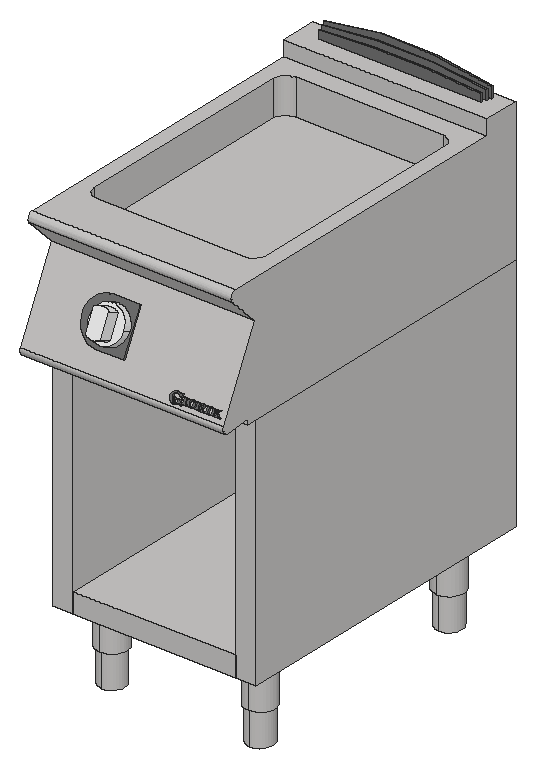
Revit family "QF_GIORIK_CM720G", category Specialty Equipment, Revit 2014
Parameters (values of type "CM720G")
  Weight in Pounds = 198.4158
  Watts = 5100 W
  Volts = 400 V
  URL Cutsheet = "www.giorik.com"
  URL = "www.giorik.com"
  Status [instance] = ""
  Specification by User [instance] = ""
  Specification by Manufacturer = ""
  Show Logo [instance] = yes
  Show Clearance [instance] = yes
  Serial Number = ""
  Seismic Rating = ""
  SMACNA No = ""
  Revision Code [instance] = ""
  Phase = 3
  Number of Poles [instance] = 3
  NAFEM Spec ID Number = ""
  Model = "CM720G"
  Min Ckt Ampacity = 0 A
  Max Overcurrent Protection = 0 A
  Masterspec = ""
  Manufacturer = "GIORIK"
  Item Number [instance] = ""
  Installed By [instance] = ""
  Identify Quantity as Lot [instance] = no
  HP = "6.839202000000"
  Furnished By [instance] = ""
  Foodservice Equipment Identifier [instance] = yes
  FL Amps = 0 A
  Electrical Remarks [instance] = ""
  Electric Connection Type [instance] = ""
  Elec Conn RI Height [instance] = 0 mm
  Elec Conn Connection Height [instance] = 150 mm
  Description = "MULTIPURPOSE BRATT PAN ON OPEN BASE UNIT"
  Cycle = 50 Hz
  Conn Plug = ""
  CSI MasterFormat = ""
  Assembly Code = "E1090320"
  Apparent Power = 5100 VA
Reference planes
  plane 1 "Back": y = 0
  plane 2: z = 0
  plane 3 "Left": x = 0
  plane 4 "Right": x = 400
  plane 5 "Front": y = -720
  plane 6 "Top": z = 900
Forms (mm)
  Extrusion 1, solid, visible <- "Show Logo"
    sketch origin (196.604, -736.761, 609.486) x (-1, 0, 0) y (0, 0.452718, 0.891654)
      loop
        line (-118.824, 58.358) -> (-127.804, 58.358) -> (-125.523, 56.445) -> (-125.523, 48.027) -> (-127.804, 46.113) -> (-118.824, 46.113) -> (-121.105, 48.027) -> (-121.105, 56.445) -> (-118.824, 58.358)
      loop
        line (-163.721, 58.358) -> (-172.7, 58.358) -> (-170.42, 56.445) -> (-170.42, 48.027) -> (-172.7, 46.113) -> (-163.721, 46.113) -> (-166.001, 48.027) -> (-166.001, 56.445) -> (-163.721, 58.358)
      loop
        line (-174.332, 58.358) -> (-183.312, 58.358) -> (-181.031, 56.445) -> (-181.031, 52.435) -> (-186.419, 56.955) -> (-184.416, 58.358) -> (-191.268, 58.358) -> (-188.01, 56.839) -> (-185.455, 54.283) -> (-190.846, 47.858) -> (-193.396, 46.93) -> (-193.396, 46.113) -> (-184.416, 46.113) -> (-185.437, 47.571) -> (-182.443, 51.552) -> (-181.031, 50.894) -> (-181.031, 48.027) -> (-183.312, 46.113) -> (-174.332, 46.113) -> (-176.613, 48.027) -> (-176.613, 56.445) -> (-174.332, 58.358)
      loop
        line (-115.429, 62.063) -> (-115.429, 54.198)
        arc (-115.429, 54.198) -> (-111.618, 57.803) -> (-106.847, 59.986) r 16.039
        arc (-106.847, 59.986) -> (-103.314, 59.837) -> (-100.512, 57.68) r 5.851
        arc (-100.512, 57.68) -> (-98.815, 52.267) -> (-100.512, 46.853) r 9.479
        arc (-100.512, 46.853) -> (-102.406, 44.986) -> (-104.846, 43.93) r 7.236
        arc (-104.846, 43.93) -> (-107.728, 44.111) -> (-110.052, 45.825) r 5.11
        line (-110.052, 45.825) -> (-110.052, 52.001) -> (-116.141, 52.001) -> (-116.141, 45.503) -> (-117.893, 43.751) -> (-114.094, 44.769)
        arc (-114.094, 44.769) -> (-112.56, 44.947) -> (-111.129, 44.366) r 3.115
        arc (-111.129, 44.366) -> (-104.216, 42.091) -> (-97.303, 44.366) r 11.641
        arc (-97.303, 44.366) -> (-93.396, 52.107) -> (-97.303, 59.849) r 9.622
        arc (-97.303, 59.849) -> (-104.369, 62.174) -> (-111.435, 59.849) r 11.898
        line (-111.435, 59.849) -> (-115.429, 62.063)
      loop
        arc (-129.234, 56.068) -> (-135.893, 58.628) -> (-142.552, 56.068) r 9.941
        arc (-142.552, 56.068) -> (-144.234, 52.286) -> (-142.552, 48.505) r 5.093
        arc (-142.552, 48.505) -> (-135.893, 45.945) -> (-129.234, 48.505) r 9.941
        arc (-129.234, 48.505) -> (-127.552, 52.286) -> (-129.234, 56.068) r 5.093
      loop
        arc (-132.628, 54.403) -> (-135.893, 57.668) -> (-139.158, 54.403) r 3.265
        line (-139.158, 54.403) -> (-139.158, 50.169)
        arc (-139.158, 50.169) -> (-135.893, 46.904) -> (-132.628, 50.169) r 3.265
        line (-132.628, 50.169) -> (-132.628, 54.403)
      loop
        arc (-156.363, 58.365) -> (-159.647, 55.081) -> (-156.363, 51.796) r 3.285
        line (-156.363, 51.796) -> (-159.529, 47.306) -> (-162.087, 46.113) -> (-155.847, 46.113) -> (-153.529, 51.083) -> (-150.637, 51.083) -> (-150.637, 47.784) -> (-153.022, 46.113) -> (-144.011, 46.113) -> (-146.094, 47.68) -> (-146.094, 56.493) -> (-144.229, 58.365) -> (-156.363, 58.365)
      loop
        line (-150.637, 57.512) -> (-153.637, 57.512)
        arc (-153.637, 57.512) -> (-156.237, 54.912) -> (-153.637, 52.312) r 2.6
        line (-153.637, 52.312) -> (-150.637, 52.312) -> (-150.637, 57.512)
      loop
        line (-108.924, 52.001) -> (-104.936, 49.005) -> (-100.948, 52.001) -> (-108.924, 52.001)
    from 1.5 to -0.5
  Extrusion 2, solid
    sketch origin (-16, 1025.81, 0) x (1, 0, 0) y (0, 1, 0)
      loop
        line (25, -1086.81) -> (25, -1156.81) -> (115, -1156.81) -> (115, -1086.81) -> (25, -1086.81)
    from 148 to 150
  Extrusion 3, solid
    sketch origin (-4, 0, 130) x (1, 0, 0) y (0, 1, 0)
      loop
        circle (54, -385) r 12.5
    from 0 to 20
  Extrusion 4, solid
    sketch origin (0, 1000, -20) x (0, 1, 0) y (0, 0, 1)
      loop
        line (-1000, 919.988) -> (-1070, 919.988) -> (-1070, 889.988) -> (-1688.806, 889.988)
        arc (-1688.806, 889.988) -> (-1699.151, 883.075) -> (-1696.724, 870.873) r 11.197
        line (-1696.724, 870.873) -> (-1640.876, 815.025) -> (-1718.948, 661.258)
        arc (-1718.948, 661.258) -> (-1718.233, 650.105) -> (-1708.118, 645.354) r 10.981
        line (-1708.118, 645.354) -> (-1660, 649.925) -> (-1660, 640) -> (-1000, 640) -> (-1000, 919.988)
    from 0 to 400
  Extrusion 5, solid
    sketch origin (0, 0, 599.536) x (1, 0, 0) y (0, 1, 0)
      loop
        line (0, -640) -> (40, -640) -> (40, -40) -> (360, -40) -> (360, -640) -> (400, -640) -> (400, 0) -> (0, 0) -> (0, -640)
    from -449.536 to 20.464
  Extrusion 6, solid
    sketch origin (0, 0, 0) x (1, 0, 0) y (0, 1, 0)
      loop
        line (40, -40) -> (40, -640) -> (360, -640) -> (360, -40) -> (40, -40)
    from 150 to 190
  Extrusion 7, solid
    sketch origin (-16, 560.81, 0) x (1, 0, 0) y (0, 1, 0)
      loop
        line (25, -1086.81) -> (25, -1156.81) -> (115, -1156.81) -> (115, -1086.81) -> (25, -1086.81)
    from 148 to 150
  Revolve 8, solid
    sketch origin (54, 560.81, 0) x (0, 1, 0) y (0, 0, 1)
      loop
        line (-1092.56, 66) -> (-1092.56, 148) -> (-1121.81, 148) -> (-1121.81, 0) -> (-1096.81, 0) -> (-1096.81, 66) -> (-1092.56, 66)
      axis (-1121.81, 0) -> (-1121.81, 148)
    angle from 0 to 360
  Revolve 9, solid
    sketch origin (54, 1025.81, 0) x (0, 1, 0) y (0, 0, 1)
      loop
        line (-1092.56, 66) -> (-1092.56, 148) -> (-1121.81, 148) -> (-1121.81, 0) -> (-1096.81, 0) -> (-1096.81, 66) -> (-1092.56, 66)
      axis (-1121.81, 0) -> (-1121.81, 148)
    angle from 0 to 360
  Extrusion 10, solid
    sketch origin (416, 560.81, 0) x (-1, 0, 0) y (0, -1, 0)
      loop
        line (25, 1086.81) -> (115, 1086.81) -> (115, 1156.81) -> (25, 1156.81) -> (25, 1086.81)
    from 148 to 150
  Revolve 11, solid
    sketch origin (346, 560.81, 0) x (0, 1, 0) y (0, 0, -1)
      loop
        line (-1092.56, -66) -> (-1096.81, -66) -> (-1096.81, 0) -> (-1121.81, 0) -> (-1121.81, -148) -> (-1092.56, -148) -> (-1092.56, -66)
      axis (-1121.81, 0) -> (-1121.81, -148)
    angle from 0 to 360
  Extrusion 12, solid
    sketch origin (416, -1217.81, 0) x (-1, 0, 0) y (0, -1, 0)
      loop
        line (25, -1086.81) -> (25, -1156.81) -> (115, -1156.81) -> (115, -1086.81) -> (25, -1086.81)
    from 148 to 150
  Revolve 13, solid
    sketch origin (346, -1217.81, 0) x (0, -1, 0) y (0, 0, 1)
      loop
        line (-1092.56, 66) -> (-1092.56, 148) -> (-1121.81, 148) -> (-1121.81, 0) -> (-1096.81, 0) -> (-1096.81, 66) -> (-1092.56, 66)
      axis (-1121.81, 0) -> (-1121.81, 148)
    angle from 0 to 360
  Extrusion 14, solid
    sketch origin (-273.221, -963.345, 52.363) x (1, 0, 0) y (0, 0.452718, 0.891654)
      loop
        line (463.221, 676.25) -> (463.221, 766.25) -> (409.698, 766.25)
        arc (409.698, 766.25) -> (364.698, 721.25) -> (409.698, 676.25) r 45
        line (409.698, 676.25) -> (463.221, 676.25)
    from 48 to 50
  Extrusion 15, solid
    sketch origin (501.331, -1008.697, 74.959) x (-1, 0, 0) y (0, -0.45351, -0.891251)
      loop
        circle (351.331, -721.346) r 35
    from 0 to 15
  Extrusion 16, solid
    sketch origin (501.331, -1008.697, 74.959) x (-1, 0, 0) y (0, -0.45351, -0.891251)
      loop
        arc (336.331, -743.846) -> (351.331, -748.846) -> (366.331, -743.846) r 25
        line (366.331, -743.846) -> (366.331, -698.846)
        arc (366.331, -698.846) -> (351.331, -693.846) -> (336.331, -698.846) r 25
        line (336.331, -698.846) -> (336.331, -743.846)
    from 15 to 40
  Extrusion 17, solid
    sketch origin (-94, 0, -10.001) x (1, 0, 0) y (0, 0, 1)
      loop
        line (135, 909.989) -> (453, 909.989) -> (453, 925.527) -> (347.056, 931.749) -> (240.944, 931.749) -> (135, 925.527) -> (135, 909.989)
    from 32 to 35
  Extrusion 18, solid
    sketch origin (-92, 10, -10.001) x (1, 0, 0) y (0, 0, 1)
      loop
        line (454, 909.989) -> (454, 928.527) -> (346.162, 939.193) -> (237.838, 939.193) -> (130, 928.527) -> (130, 909.989) -> (454, 909.989)
    from 32 to 35
  Extrusion 19, solid
    sketch origin (-90, 20, -10.001) x (1, 0, 0) y (0, 0, 1)
      loop
        line (455, 909.989) -> (455, 930.527) -> (345.396, 947.413) -> (234.604, 947.413) -> (125, 930.527) -> (125, 909.989) -> (455, 909.989)
    from 32 to 35
  Extrusion 20, void
    sketch origin (0, 0, 819.988) x (0, 1, 0) y (-1, 0, 0)
      loop
        arc (-110, -55) -> (-117.322, -37.322) -> (-135, -30) r 25
        line (-135, -30) -> (-575, -30)
        arc (-575, -30) -> (-592.678, -37.322) -> (-600, -55) r 25
        line (-600, -55) -> (-600, -345)
        arc (-600, -345) -> (-592.678, -362.678) -> (-575, -370) r 25
        line (-575, -370) -> (-135, -370)
        arc (-135, -370) -> (-117.322, -362.678) -> (-110, -345) r 25
        line (-110, -345) -> (-110, -55)
    from -20 to 50
Cuts and joins
  Extrusion 20 cuts Extrusion 4
Lines and regions (mm)
  symbolic lines, style "200-EquipBorder-2D"
    curve 1: line (0, -720, 0) -> (400, -720, 0)
    curve 2: line (400, -720, 0) -> (400, 0, 0)
    curve 3: line (400, 0, 0) -> (0, 0, 0)
    curve 4: line (0, 0, 0) -> (0, -720, 0)
  symbolic lines, style "200-EquipInternal-2D"
    curve 5: line (0, -70, 900) -> (400, -70, 900)
    curve 6: line (35, -12, 900) -> (365, -12, 900)
    curve 7: line (365, -12, 900) -> (365, -15, 900)
    curve 8: line (365, -15, 900) -> (35, -15, 900)
    curve 9: line (35, -15, 900) -> (35, -12, 900)
    curve 10: line (38, -22, 900) -> (362, -22, 900)
    curve 11: line (362, -22, 900) -> (362, -25, 900)
    curve 12: line (362, -25, 900) -> (38, -25, 900)
    curve 13: line (38, -25, 900) -> (38, -22, 900)
    curve 14: line (41, -32, 900) -> (359, -32, 900)
    curve 15: line (359, -32, 900) -> (359, -35, 900)
    curve 16: line (359, -35, 900) -> (41, -35, 900)
    curve 17: line (41, -35, 900) -> (41, -32, 900)
    curve 18: line (345, -110, 900) -> (55, -110, 900)
    curve 19: arc (55, -110, 900) -> (37.322, -117.322, 900) -> (30, -135, 900) r 25
    curve 20: line (30, -135, 900) -> (30, -575, 900)
    curve 21: arc (370, -135, 900) -> (362.678, -117.322, 900) -> (345, -110, 900) r 25
    curve 22: line (370, -575, 900) -> (370, -135, 900)
    curve 23: arc (345, -600, 900) -> (362.678, -592.678, 900) -> (370, -575, 900) r 25
    curve 24: line (55, -600, 900) -> (345, -600, 900)
    curve 25: arc (30, -575, 900) -> (37.322, -592.678, 900) -> (55, -600, 900) r 25
Dimensions and locks
  plane 3 "Left" to plane 4 "Right" = 400 mm
  plane 5 "Front" to plane 1 "Back" = 720 mm
  plane 4 "Right" to plane 3 "Left" = 400 mm
  plane 1 "Back" to plane 5 "Front" = 720 mm
  plane 6 "Top" to level = 900 mm  (x2)
  aligned and locked: level to plane 2
Connectors
  electrical at (50, -385, 130), driven by "Apparent Power", driven by "Volts", driven by "Number of Poles"
    settings: on Extrusion 3, index 1, voltage 400 V, apparent load 0 VA, apparent load phase1 5100 VA, apparent load phase2 0 VA, apparent load phase3 0 VA, power factor 1, load classification "Other", number of poles 3, system type 31, power factor state 1, is connector primary yes, connector utility no, sub classification motor no, connector description "Electrical connection"
